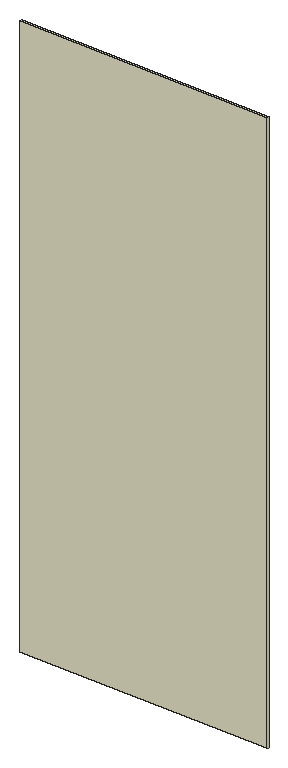
Revit family "CLAD (Smooth) Romanbrick", category Generic Models, Revit 2017
Family settings
  Can host rebar = No
  Round Connector Dimension = Use Diameter
  Part Type = Normal
  Work Plane-Based = No
  Always vertical = Yes
  Cut with Voids When Loaded = No
  Shared = Yes
  Room Calculation Point = No
Parameters (values of type "2745 x 1200")
  Primed Finich Code = "EX27 CL-ROM"  # constant formula
  Panel_width = 1200 mm  # constant formula
  Panel_thickness = 9.5 mm  # constant formula
  Material = none
  URL = "https://www.easycraft.com.au/products/253/expression-series"
  Model = "Expression Series - Roman Brick"  # constant formula
  Manufacturer = "Easycraft Australia Pty Ltd ph 07 3906 7200"  # constant formula
  Panel_height = 2745 mm  # constant formula
  Description = "MDF CLAD Smooth"  # constant formula
  Assembly Code = ""
Reference planes
  plane 1 "Center (Front/Back)": y = 0
  plane 2: z = 0
  plane 3 "Center (Left/Right)": x = 0
  plane 4 "Panel face": y = -9.5
  plane 5 "Panel_top": z = 2745
Forms (mm)
  Extrusion 1, solid, material "CLAD smooth"
    sketch origin (0, 0, 2720) x (0, -1, 0) y (1, 0, 0)
      loop
        line (0, 0) -> (9.5, 0) -> (9.5, 1200) -> (0, 1200) -> (0, 0)
    from -2720 to 25
Lines and regions (mm)
  model lines, style "easycraft expressions pattern"
    curve 1: line (1200, -10, 2379.852) -> (0, -10, 2379.852)
    curve 2: line (0, -10, 2295.36) -> (1200, -10, 2295.36)
    curve 3: line (1200, -10, 2210.868) -> (0, -10, 2210.868)
    curve 4: line (0, -10, 2123.127) -> (1200, -10, 2123.127)
    curve 5: line (1200, -10, 2038.635) -> (0, -10, 2038.635)
    curve 6: line (0, -10, 1953.927) -> (1200, -10, 1953.927)
    curve 7: line (1200, -10, 1869.435) -> (0, -10, 1869.435)
    curve 8: line (0, -10, 1784.943) -> (1200, -10, 1784.943)
    curve 9: line (1200, -10, 1700.451) -> (0, -10, 1700.451)
    curve 10: line (0, -10, 1615.96) -> (1200, -10, 1615.96)
    curve 11: line (1200, -10, 1531.468) -> (0, -10, 1531.468)
    curve 12: line (0, -10, 1446.759) -> (1200, -10, 1446.759)
    curve 13: line (1200, -10, 1362.268) -> (0, -10, 1362.268)
    curve 14: line (0, -10, 1274.526) -> (1200, -10, 1274.526)
    curve 15: line (1200, -10, 1190.034) -> (0, -10, 1190.034)
    curve 16: line (0, -10, 1105.543) -> (1200, -10, 1105.543)
    curve 17: line (1200, -10, 1021.051) -> (0, -10, 1021.051)
    curve 18: line (0, -10, 936.342) -> (1200, -10, 936.342)
    curve 19: line (1200, -10, 851.851) -> (0, -10, 851.851)
    curve 20: line (0, -10, 767.359) -> (1200, -10, 767.359)
    curve 21: line (1200, -10, 682.867) -> (0, -10, 682.867)
    curve 22: line (0, -10, 598.375) -> (1200, -10, 598.375)
    curve 23: line (1200, -10, 513.883) -> (0, -10, 513.883)
    curve 24: line (0, -10, 429.175) -> (1200, -10, 429.175)
    curve 25: line (1200, -10, 341.433) -> (0, -10, 341.433)
    curve 26: line (601.625, -10, 2210.868) -> (601.625, -10, 2295.36)
    curve 27: line (601.625, -10, 2038.635) -> (601.625, -10, 2123.127)
    curve 28: line (601.625, -10, 1869.435) -> (601.625, -10, 1953.927)
    curve 29: line (601.625, -10, 1700.451) -> (601.625, -10, 1784.943)
    curve 30: line (601.625, -10, 1531.468) -> (601.625, -10, 1615.96)
    curve 31: line (601.625, -10, 1362.268) -> (601.625, -10, 1446.759)
    curve 32: line (601.625, -10, 1190.034) -> (601.625, -10, 1274.526)
    curve 33: line (601.625, -10, 1021.051) -> (601.625, -10, 1105.543)
    curve 34: line (601.625, -10, 851.851) -> (601.625, -10, 936.342)
    curve 35: line (601.625, -10, 682.867) -> (601.625, -10, 767.359)
    curve 36: line (601.625, -10, 513.883) -> (601.625, -10, 598.375)
    curve 37: line (601.625, -10, 341.433) -> (601.625, -10, 429.175)
    curve 38: line (751.327, -10, 2295.36) -> (751.327, -10, 2379.852)
    curve 39: line (452.139, -10, 2295.36) -> (452.139, -10, 2379.852)
    curve 40: line (751.327, -10, 2123.127) -> (751.327, -10, 2210.868)
    curve 41: line (452.139, -10, 2123.127) -> (452.139, -10, 2210.868)
    curve 42: line (751.327, -10, 1953.927) -> (751.327, -10, 2038.635)
    curve 43: line (452.139, -10, 1953.927) -> (452.139, -10, 2038.635)
    curve 44: line (751.327, -10, 1784.943) -> (751.327, -10, 1869.435)
    curve 45: line (452.139, -10, 1784.943) -> (452.139, -10, 1869.435)
    curve 46: line (751.327, -10, 1615.96) -> (751.327, -10, 1700.451)
    curve 47: line (452.139, -10, 1615.96) -> (452.139, -10, 1700.451)
    curve 48: line (751.327, -10, 1446.759) -> (751.327, -10, 1531.468)
    curve 49: line (452.139, -10, 1446.759) -> (452.139, -10, 1531.468)
    curve 50: line (751.327, -10, 1274.526) -> (751.327, -10, 1362.268)
    curve 51: line (452.139, -10, 1274.526) -> (452.139, -10, 1362.268)
    curve 52: line (751.327, -10, 1105.543) -> (751.327, -10, 1190.034)
    curve 53: line (452.139, -10, 1105.543) -> (452.139, -10, 1190.034)
    curve 54: line (751.327, -10, 936.342) -> (751.327, -10, 1021.051)
    curve 55: line (452.139, -10, 936.342) -> (452.139, -10, 1021.051)
    curve 56: line (751.327, -10, 767.359) -> (751.327, -10, 851.851)
    curve 57: line (452.139, -10, 767.359) -> (452.139, -10, 851.851)
    curve 58: line (751.327, -10, 598.375) -> (751.327, -10, 682.867)
    curve 59: line (452.139, -10, 598.375) -> (452.139, -10, 682.867)
    curve 60: line (751.327, -10, 429.175) -> (751.327, -10, 513.883)
    curve 61: line (452.139, -10, 429.175) -> (452.139, -10, 513.883)
    curve 62: line (900.812, -10, 2210.868) -> (900.812, -10, 2295.36)
    curve 63: line (900.812, -10, 2038.635) -> (900.812, -10, 2123.127)
    curve 64: line (1050.515, -10, 2295.36) -> (1050.515, -10, 2379.852)
    curve 65: line (1050.515, -10, 2123.127) -> (1050.515, -10, 2210.868)
    curve 66: line (1050.515, -10, 1953.927) -> (1050.515, -10, 2038.635)
    curve 67: line (1050.515, -10, 1784.943) -> (1050.515, -10, 1869.435)
    curve 68: line (1050.515, -10, 1615.96) -> (1050.515, -10, 1700.451)
    curve 69: line (1050.515, -10, 1446.759) -> (1050.515, -10, 1531.468)
    curve 70: line (1050.515, -10, 1274.526) -> (1050.515, -10, 1362.268)
    curve 71: line (1050.515, -10, 1105.543) -> (1050.515, -10, 1190.034)
    curve 72: line (1050.515, -10, 936.342) -> (1050.515, -10, 1021.051)
    curve 73: line (1050.515, -10, 767.359) -> (1050.515, -10, 851.851)
    curve 74: line (1050.515, -10, 598.375) -> (1050.515, -10, 682.867)
    curve 75: line (1050.515, -10, 429.175) -> (1050.515, -10, 513.883)
    curve 76: line (900.812, -10, 1869.435) -> (900.812, -10, 1953.927)
    curve 77: line (900.812, -10, 1700.451) -> (900.812, -10, 1784.943)
    curve 78: line (900.812, -10, 1531.468) -> (900.812, -10, 1615.96)
    curve 79: line (900.812, -10, 1362.268) -> (900.812, -10, 1446.759)
    curve 80: line (900.812, -10, 1190.034) -> (900.812, -10, 1274.526)
    curve 81: line (900.812, -10, 1021.051) -> (900.812, -10, 1105.543)
    curve 82: line (900.812, -10, 851.851) -> (900.812, -10, 936.342)
    curve 83: line (900.812, -10, 682.867) -> (900.812, -10, 767.359)
    curve 84: line (900.812, -10, 513.883) -> (900.812, -10, 598.375)
    curve 85: line (900.812, -10, 341.433) -> (900.812, -10, 429.175)
    curve 86: line (299.188, -10, 2210.868) -> (299.188, -10, 2295.36)
    curve 87: line (299.188, -10, 2038.635) -> (299.188, -10, 2123.127)
    curve 88: line (299.188, -10, 1869.435) -> (299.188, -10, 1953.927)
    curve 89: line (299.188, -10, 1700.451) -> (299.188, -10, 1784.943)
    curve 90: line (299.188, -10, 1531.468) -> (299.188, -10, 1615.96)
    curve 91: line (299.188, -10, 1362.268) -> (299.188, -10, 1446.759)
    curve 92: line (299.188, -10, 1190.034) -> (299.188, -10, 1274.526)
    curve 93: line (299.188, -10, 1021.051) -> (299.188, -10, 1105.543)
    curve 94: line (299.188, -10, 851.851) -> (299.188, -10, 936.342)
    curve 95: line (299.188, -10, 682.867) -> (299.188, -10, 767.359)
    curve 96: line (299.188, -10, 513.883) -> (299.188, -10, 598.375)
    curve 97: line (149.702, -10, 2295.36) -> (149.702, -10, 2379.852)
    curve 98: line (149.702, -10, 2123.127) -> (149.702, -10, 2210.868)
    curve 99: line (149.702, -10, 1953.927) -> (149.702, -10, 2038.635)
    curve 100: line (149.702, -10, 1784.943) -> (149.702, -10, 1869.435)
    curve 101: line (149.702, -10, 1615.96) -> (149.702, -10, 1700.451)
    curve 102: line (149.702, -10, 1446.759) -> (149.702, -10, 1531.468)
    curve 103: line (149.702, -10, 1274.526) -> (149.702, -10, 1362.268)
    curve 104: line (149.702, -10, 1105.543) -> (149.702, -10, 1190.034)
    curve 105: line (149.702, -10, 936.342) -> (149.702, -10, 1021.051)
    curve 106: line (149.702, -10, 767.359) -> (149.702, -10, 851.851)
    curve 107: line (149.702, -10, 598.375) -> (149.702, -10, 682.867)
    curve 108: line (149.702, -10, 429.175) -> (149.702, -10, 513.883)
    curve 109: line (299.188, -10, 341.433) -> (299.188, -10, 429.175)
    curve 110: line (0, -10, 256.942) -> (1200, -10, 256.942)
    curve 111: line (1200, -10, 172.45) -> (0, -10, 172.45)
    curve 112: line (0, -10, 87.958) -> (1200, -10, 87.958)
    curve 113: line (1050.515, -10, 256.942) -> (1050.515, -10, 341.433)
    curve 114: line (1050.515, -10, 87.958) -> (1050.515, -10, 172.45)
    curve 115: line (601.625, -10, 172.45) -> (601.625, -10, 256.942)
    curve 116: line (751.327, -10, 256.942) -> (751.327, -10, 341.433)
    curve 117: line (452.139, -10, 256.942) -> (452.139, -10, 341.433)
    curve 118: line (751.327, -10, 87.958) -> (751.327, -10, 172.45)
    curve 119: line (452.139, -10, 87.958) -> (452.139, -10, 172.45)
    curve 120: line (900.812, -10, 172.45) -> (900.812, -10, 256.942)
    curve 121: line (299.188, -10, 172.45) -> (299.188, -10, 256.942)
    curve 122: line (149.702, -10, 256.942) -> (149.702, -10, 341.433)
    curve 123: line (149.702, -10, 87.958) -> (149.702, -10, 172.45)
    curve 124: line (900.812, -10, 0) -> (900.812, -10, 87.958)
    curve 125: line (601.625, -10, 0) -> (601.625, -10, 87.958)
    curve 126: line (299.188, -10, 0) -> (299.188, -10, 87.958)
    curve 127: line (1200, -10, 2721.285) -> (0, -10, 2721.285)
    curve 128: line (0, -10, 2633.544) -> (1200, -10, 2633.544)
    curve 129: line (1200, -10, 2549.052) -> (0, -10, 2549.052)
    curve 130: line (0, -10, 2464.344) -> (1200, -10, 2464.344)
    curve 131: line (601.625, -10, 2721.285) -> (601.625, -10, 2745)
    curve 132: line (601.625, -10, 2549.052) -> (601.625, -10, 2633.544)
    curve 133: line (601.625, -10, 2379.852) -> (601.625, -10, 2464.344)
    curve 134: line (751.327, -10, 2633.544) -> (751.327, -10, 2721.285)
    curve 135: line (452.139, -10, 2633.544) -> (452.139, -10, 2721.285)
    curve 136: line (751.327, -10, 2464.344) -> (751.327, -10, 2549.052)
    curve 137: line (452.139, -10, 2464.344) -> (452.139, -10, 2549.052)
    curve 138: line (900.812, -10, 2721.285) -> (900.812, -10, 2745)
    curve 139: line (900.812, -10, 2549.052) -> (900.812, -10, 2633.544)
    curve 140: line (1050.515, -10, 2633.544) -> (1050.515, -10, 2721.285)
    curve 141: line (1050.515, -10, 2464.344) -> (1050.515, -10, 2549.052)
    curve 142: line (900.812, -10, 2379.852) -> (900.812, -10, 2464.344)
    curve 143: line (299.188, -10, 2721.285) -> (299.188, -10, 2745)
    curve 144: line (299.188, -10, 2549.052) -> (299.188, -10, 2633.544)
    curve 145: line (299.188, -10, 2379.852) -> (299.188, -10, 2464.344)
    curve 146: line (149.702, -10, 2633.544) -> (149.702, -10, 2721.285)
    curve 147: line (149.702, -10, 2464.344) -> (149.702, -10, 2549.052)
Dimensions and locks
  "Panel_thickness": plane 4 "Panel face" to plane 1 "Center (Front/Back)"
  "Panel_height": plane 5 "Panel_top" to plane 2
  "Panel_width": Extrusion 1 to Extrusion 1
  aligned and locked: level to plane 2
  aligned and locked: Extrusion 1 to level
  aligned and locked: plane 4 "Panel face" to Extrusion 1
  aligned and locked: Extrusion 1 to plane 5 "Panel_top"
Automatic sketch dimensions
  plane 1 "Center (Front/Back)" to Extrusion 1 sketch curve = 0 mm
  Extrusion 1 sketch curve to plane 3 "Center (Left/Right)" = 0 mm
  plane 4 "Panel face" to Extrusion 1 sketch curve = 0 mm
  Extrusion 1 sketch curve to Extrusion 1 sketch curve = 1200 mm
  curve 16 to plane 3 "Center (Left/Right)" = 0 mm
  curve 1 to plane 3 "Center (Left/Right)" = 0 mm
  curve 2 to plane 3 "Center (Left/Right)" = 0 mm
  curve 111 to plane 3 "Center (Left/Right)" = 0 mm
  curve 110 to plane 3 "Center (Left/Right)" = 0 mm
  curve 3 to plane 3 "Center (Left/Right)" = 0 mm
  curve 4 to plane 3 "Center (Left/Right)" = 0 mm
  curve 25 to plane 3 "Center (Left/Right)" = 0 mm
  curve 24 to plane 3 "Center (Left/Right)" = 0 mm
  curve 5 to plane 3 "Center (Left/Right)" = 0 mm
  curve 6 to plane 3 "Center (Left/Right)" = 0 mm
  curve 23 to plane 3 "Center (Left/Right)" = 0 mm
  curve 22 to plane 3 "Center (Left/Right)" = 0 mm
  curve 7 to plane 3 "Center (Left/Right)" = 0 mm
  curve 8 to plane 3 "Center (Left/Right)" = 0 mm
  curve 21 to plane 3 "Center (Left/Right)" = 0 mm
  curve 20 to plane 3 "Center (Left/Right)" = 0 mm
  curve 9 to plane 3 "Center (Left/Right)" = 0 mm
  curve 10 to plane 3 "Center (Left/Right)" = 0 mm
  curve 19 to plane 3 "Center (Left/Right)" = 0 mm
  curve 127 to plane 3 "Center (Left/Right)" = 0 mm
  curve 11 to plane 3 "Center (Left/Right)" = 0 mm
  curve 12 to plane 3 "Center (Left/Right)" = 0 mm
  curve 18 to plane 3 "Center (Left/Right)" = 0 mm
  curve 130 to plane 3 "Center (Left/Right)" = 0 mm
  curve 13 to plane 3 "Center (Left/Right)" = 0 mm
  curve 14 to plane 3 "Center (Left/Right)" = 0 mm
  curve 129 to plane 3 "Center (Left/Right)" = 0 mm
  curve 17 to plane 3 "Center (Left/Right)" = 0 mm
  curve 15 to plane 3 "Center (Left/Right)" = 0 mm
  curve 112 to plane 3 "Center (Left/Right)" = 0 mm
  curve 128 to plane 3 "Center (Left/Right)" = 0 mm
  curve 143 to plane 5 "Panel_top" = 0 mm
  curve 126 to level = 0 mm
  curve 131 to plane 5 "Panel_top" = 0 mm
  curve 125 to level = 0 mm
  curve 138 to plane 5 "Panel_top" = 0 mm
  curve 124 to level = 0 mm
  plane 3 "Center (Left/Right)" to curve 101 = 149.702 mm
  plane 3 "Center (Left/Right)" to curve 100 = 149.702 mm
  plane 3 "Center (Left/Right)" to curve 102 = 149.702 mm
  plane 3 "Center (Left/Right)" to curve 99 = 149.702 mm
  plane 3 "Center (Left/Right)" to curve 103 = 149.702 mm
  plane 3 "Center (Left/Right)" to curve 98 = 149.702 mm
  plane 3 "Center (Left/Right)" to curve 104 = 149.702 mm
  plane 3 "Center (Left/Right)" to curve 97 = 149.702 mm
  plane 3 "Center (Left/Right)" to curve 105 = 149.702 mm
  plane 3 "Center (Left/Right)" to curve 146 = 149.702 mm
  plane 3 "Center (Left/Right)" to curve 106 = 149.702 mm
  plane 3 "Center (Left/Right)" to curve 107 = 149.702 mm
  plane 3 "Center (Left/Right)" to curve 108 = 149.702 mm
  curve 147 to curve 97 = 0 mm
  plane 3 "Center (Left/Right)" to curve 122 = 149.702 mm
  plane 3 "Center (Left/Right)" to curve 123 = 149.702 mm
  curve 98 to curve 86 = 149.485 mm
  curve 99 to curve 87 = 149.485 mm
  curve 100 to curve 88 = 149.485 mm
  curve 101 to curve 89 = 149.485 mm
  curve 102 to curve 90 = 149.485 mm
  curve 103 to curve 91 = 149.485 mm
  curve 104 to curve 92 = 149.485 mm
  curve 105 to curve 93 = 149.485 mm
  curve 106 to curve 94 = 149.485 mm
  curve 107 to curve 95 = 149.485 mm
  curve 122 to curve 121 = 149.485 mm
  curve 108 to curve 96 = 149.485 mm
  curve 147 to curve 145 = 149.485 mm
  curve 146 to curve 144 = 149.485 mm
  curve 143 to curve 144 = 0 mm
  curve 121 to curve 126 = 0 mm
  curve 109 to curve 121 = 0 mm
  curve 94 to curve 57 = 152.952 mm
  curve 145 to curve 39 = 152.952 mm
  curve 92 to curve 51 = 152.952 mm
  curve 87 to curve 41 = 152.952 mm
  curve 144 to curve 135 = 152.952 mm
  curve 93 to curve 53 = 152.952 mm
  curve 90 to curve 49 = 152.952 mm
  curve 55 to curve 57 = 0 mm
  curve 88 to curve 43 = 152.952 mm
  curve 121 to curve 119 = 152.952 mm
  curve 89 to curve 45 = 152.952 mm
  curve 96 to curve 59 = 152.952 mm
  curve 109 to curve 61 = 152.952 mm
  curve 61 to curve 117 = 0 mm
  curve 47 to curve 49 = 0 mm
  curve 137 to curve 39 = 0 mm
  curve 137 to curve 133 = 149.485 mm
  curve 135 to curve 131 = 149.485 mm
  curve 131 to curve 132 = 0 mm
  curve 41 to curve 26 = 149.485 mm
  curve 43 to curve 27 = 149.485 mm
  curve 45 to curve 28 = 149.485 mm
  curve 117 to curve 115 = 149.485 mm
  curve 47 to curve 29 = 149.485 mm
  curve 51 to curve 31 = 149.485 mm
  curve 30 to curve 31 = 0 mm
  curve 53 to curve 32 = 149.485 mm
  curve 115 to curve 125 = 0 mm
  curve 61 to curve 37 = 149.485 mm
  curve 59 to curve 36 = 149.485 mm
  curve 57 to curve 35 = 149.485 mm
  curve 55 to curve 34 = 149.485 mm
  curve 32 to curve 33 = 0 mm
  curve 35 to curve 58 = 149.702 mm
  curve 32 to curve 50 = 149.702 mm
  curve 115 to curve 116 = 149.702 mm
  curve 48 to curve 50 = 0 mm
  curve 29 to curve 46 = 149.702 mm
  curve 132 to curve 134 = 149.702 mm
  curve 33 to curve 52 = 149.702 mm
  curve 34 to curve 54 = 149.702 mm
  curve 56 to curve 58 = 0 mm
  curve 60 to curve 116 = 0 mm
  curve 125 to curve 118 = 149.702 mm
  curve 28 to curve 44 = 149.702 mm
  curve 27 to curve 42 = 149.702 mm
  curve 26 to curve 40 = 149.702 mm
  curve 134 to curve 136 = 0 mm
  curve 38 to curve 40 = 0 mm
  curve 118 to curve 124 = 149.485 mm
  plane 5 "Panel_top" to curve 138 = 23.715 mm
  curve 134 to curve 138 = 149.485 mm
  curve 136 to curve 139 = 149.485 mm
  curve 116 to curve 120 = 149.485 mm
  curve 38 to curve 142 = 149.485 mm
  curve 44 to curve 76 = 149.485 mm
  curve 40 to curve 63 = 149.485 mm
  curve 142 to curve 62 = 0 mm
  curve 46 to curve 77 = 149.485 mm
  curve 58 to curve 83 = 149.485 mm
  curve 48 to curve 78 = 149.485 mm
  curve 50 to curve 79 = 149.485 mm
  curve 52 to curve 80 = 149.485 mm
  curve 54 to curve 81 = 149.485 mm
  curve 82 to curve 83 = 0 mm
  curve 60 to curve 85 = 149.485 mm
  curve 83 to curve 84 = 0 mm
  curve 120 to curve 114 = 149.702 mm
  curve 85 to curve 113 = 149.702 mm
  curve 62 to curve 64 = 149.702 mm
  curve 63 to curve 65 = 149.702 mm
  curve 76 to curve 66 = 149.702 mm
  curve 77 to curve 67 = 149.702 mm
  curve 78 to curve 68 = 149.702 mm
  curve 79 to curve 69 = 149.702 mm
  curve 80 to curve 70 = 149.702 mm
  curve 81 to curve 71 = 149.702 mm
  curve 82 to curve 72 = 149.702 mm
  curve 83 to curve 73 = 149.702 mm
  curve 84 to curve 74 = 149.702 mm
  curve 139 to curve 140 = 149.702 mm
  curve 141 to curve 64 = 0 mm
  curve 75 to curve 113 = 0 mm
  curve 141 to curve 130 = 149.485 mm
  curve 129 to curve 130 = 0 mm
  curve 128 to curve 129 = 0 mm
  curve 127 to curve 128 = 0 mm
  curve 114 to curve 112 = 149.485 mm
  curve 111 to curve 112 = 0 mm
  curve 110 to curve 111 = 0 mm
  curve 25 to curve 110 = 0 mm
  curve 24 to curve 25 = 0 mm
  curve 23 to curve 24 = 0 mm
  curve 22 to curve 23 = 0 mm
  curve 21 to curve 22 = 0 mm
  curve 20 to curve 21 = 0 mm
  curve 19 to curve 20 = 0 mm
  curve 18 to curve 19 = 0 mm
  curve 17 to curve 18 = 0 mm
  curve 16 to curve 17 = 0 mm
  curve 15 to curve 16 = 0 mm
  curve 14 to curve 15 = 0 mm
  curve 13 to curve 14 = 0 mm
  curve 12 to curve 13 = 0 mm
  curve 11 to curve 12 = 0 mm
  curve 10 to curve 11 = 0 mm
  curve 9 to curve 10 = 0 mm
  curve 8 to curve 9 = 0 mm
  curve 7 to curve 8 = 0 mm
  curve 6 to curve 7 = 0 mm
  curve 5 to curve 6 = 0 mm
  curve 4 to curve 5 = 0 mm
  curve 3 to curve 4 = 0 mm
  curve 2 to curve 3 = 0 mm
  curve 1 to curve 2 = 0 mm
  curve 124 to curve 124 = 87.958 mm
  curve 124 to curve 120 = 84.492 mm
  curve 118 to curve 116 = 84.492 mm
  curve 113 to curve 113 = 84.492 mm
  curve 117 to curve 61 = 87.741 mm
  curve 24 to curve 23 = 84.708 mm
  curve 36 to curve 36 = 84.492 mm
  curve 59 to curve 59 = 84.492 mm
  curve 58 to curve 56 = 84.492 mm
  curve 20 to curve 19 = 84.492 mm
  curve 19 to curve 18 = 84.492 mm
  curve 105 to curve 105 = 84.708 mm
  curve 105 to curve 104 = 84.492 mm
  curve 33 to curve 32 = 84.492 mm
  curve 71 to curve 70 = 84.492 mm
  curve 70 to curve 70 = 87.741 mm
  curve 31 to curve 31 = 84.492 mm
  curve 49 to curve 49 = 84.708 mm
  curve 49 to curve 47 = 84.492 mm
  curve 68 to curve 68 = 84.492 mm
  curve 29 to curve 29 = 84.492 mm
  curve 8 to curve 7 = 84.492 mm
  curve 44 to curve 42 = 84.492 mm
  curve 43 to curve 43 = 84.708 mm
  curve 87 to curve 87 = 84.492 mm
  curve 98 to curve 98 = 87.741 mm
  curve 3 to curve 2 = 84.492 mm
  curve 2 to curve 1 = 84.492 mm
  curve 39 to curve 137 = 84.492 mm
  curve 130 to curve 129 = 84.708 mm
  curve 144 to curve 144 = 84.492 mm
